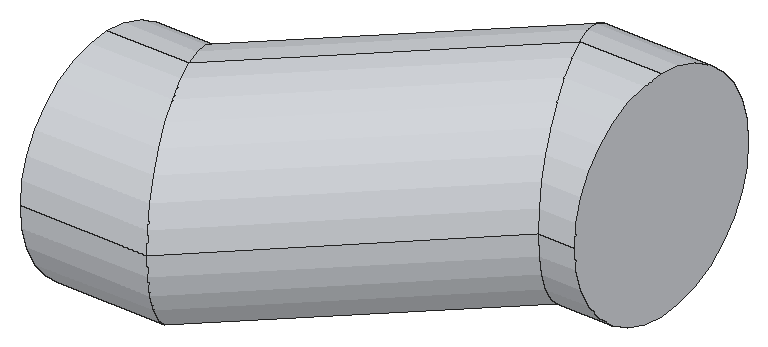
Revit family "48151dd9c55b44ef8a50b09c51e8c9a9", category Duct Fittings, Revit 2021
Family settings
  Round Connector Dimension = Use Radius
  Part Type = Offset
  OmniClass Number = 23.75.70.14
  OmniClass Title = Air Ductwork
  Seek Item ID = Round Offset-0000-USA-ENU
  Work Plane-Based = No
  Always vertical = Yes
  Cut with Voids When Loaded = No
  Shared = No
Parameters (values of type "Standard")
  Duct Radius [instance] = Duct Diameter / 2  # 6"
  Duct Length [instance] = 2 * (L0 + Duct Radius * tan(Angle / 2) + Shoulder)  # 20.97056"
  L1 [instance] = Duct Length / 2  # 10.48528"
  L0 [instance] = CC_Offset / 2 / tan(Angle)  # 6"
  Duct Diameter [instance] = 12"
  Shoulder [instance] = 2"
  Default Elevation = 0' - 0"
  CC_Offset [instance] = 12"
  Angle [instance] = 45.00°
Reference planes (in)
  plane 1 "Center (Front/Back)": y = 0
  plane 2: z = 0
  plane 3 "Center (Left/Right)": x = 0
  plane 4: y = 6
  plane 5: y = -6
  plane 6: x = -6
  plane 7: x = 6
  plane 8: x = -10.48528
  plane 9: x = 10.48528
Forms (in)
  Sweep 1, solid, detail levels medium+fine
    path in 3D
      loop
        line (-10.48528, -6, 0) -> (-6, -6, 0) -> (6, 6, 0) -> (10.48528, 6, 0)
    profile "Duct - Round : Duct - Round" origin (-8.24264, -6, 0) x (0, 1, 0) y (0, 0, 1)
      loop
        arc (-6, 0) -> (-4.24264, -4.24264) -> (0, -6) r 6
        arc (0, -6) -> (4.24264, -4.24264) -> (6, 0) r 6
        arc (6, 0) -> (4.24264, 4.24264) -> (0, 6) r 6
        arc (0, 6) -> (-4.24264, 4.24264) -> (-6, 0) r 6
Lines and regions (in)
  model lines, style "DuctFitting", detail levels coarse
    curve 1: line (-6, -6, 0) -> (6, 6, 0)
    curve 2: line (-10.48528, -6, 0) -> (-6, -6, 0)
    curve 3: line (6, 6, 0) -> (10.48528, 6, 0)
  sketch lines
    curve 4: line (-10.48528, -6, 0) -> (-6, -6, 0)
    curve 5: line (-6, -6, 0) -> (6, 6, 0)
    curve 6: line (6, 6, 0) -> (10.48528, 6, 0)
Dimensions and locks (in)
  equal spacing: plane 5, plane 1 "Center (Front/Back)", plane 4
  "L0": plane 6 to plane 3 "Center (Left/Right)"
  "L0": plane 3 "Center (Left/Right)" to plane 7
  "CC_Offset": plane 5 to plane 4
  "Duct Length": plane 8 to plane 9
  equal spacing: plane 8, plane 3 "Center (Left/Right)", plane 9
  "Angle": angle plane 5 to curve 1
  aligned and locked: plane 6 to curve 1
  aligned and locked: plane 8 to curve 2
  aligned and locked: plane 5 to curve 2
  aligned and locked: plane 9 to curve 3
  aligned and locked: plane 7 to curve 3
  aligned and locked: plane 4 to curve 3
Connectors (in)
  hvac at (-10.48528, -6, 0), driven by "Duct Radius"
    settings: on Sweep 1, index 1, duct flow 0 CFM, flow factor 0, pres drop 0.00 in-wg, loss coef 0, conn angle 0.00°, conn width 12", conn height 12", conn diameter 12", duct sys type 28, conn prof type 0, flow config 0, flow direction 0, loss method 0, conn ref index 2, conn util no, is conn primary yes, conn desc ""
  hvac at (10.48528, 6, 0), driven by "Duct Radius"
    settings: on Sweep 1, index 2, duct flow 0 CFM, flow factor 0, pres drop 0.00 in-wg, loss coef 0, conn angle 0.00°, conn width 12", conn height 12", conn diameter 12", duct sys type 28, conn prof type 0, flow config 0, flow direction 0, loss method 0, conn ref index 1, conn util no, is conn primary no, conn desc ""
